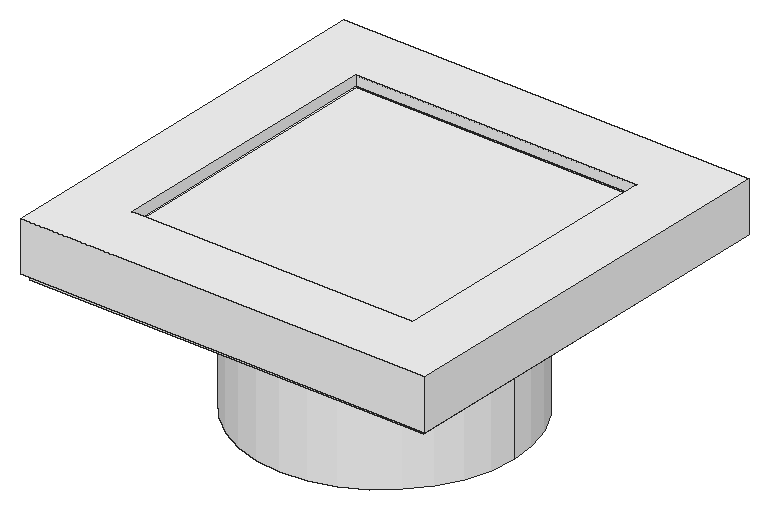
Revit family "Gira_0140005", category Electrical Fixtures, host Face, Revit 2017
Family settings
  Host = Face
  Maintain Annotation Orientation = Yes
  Round Connector Dimension = Use Diameter
  Part Type = Normal
  Cut with Voids When Loaded = No
  Shared = No
  Room Calculation Point = No
Parameters (values of type "Hotel-Card-Taster Wechsler (bel.) BSF System 55 Schwarz m")
  Zusammenstellung = "Basiselement mit zentraler Abdeckplatte"
  White [instance] = White
  Werkstoffgüte = "sonstige"
  Werkstoff = "sonstige"
  URL = "http://katalog.gira.de/de_DE/datenblatt.html?artikelnr=0140005"
  Transparent = "No"
  Textfeld/Beschriftungsfläche = "Yes"
  Rückmeldekontakt = "No"
  Region = "DE"
  Oberfläche = "sonstige"
  Nennspannung = "250 Volt"
  Name = "Hotel-Card-Taster Wechsler (bel.) BSF System 55 Schwarz m"
  Montageart = "unter Putz"
  Model = "Sys55_Komplettgerät_Schalten und Tasten"
  Mit Beleuchtung = "No"
  Manufacturer URL = "https://www.gira.de/"
  Kontakte = "1 Wechsler"
  HeinzeBIM = "https://bimportal.heinze.de/bim/hotel-card-taster-wechsler-bel-bsf-system-55-schwarz-m/52267a61a88fdd05e880348839b71cc643a57596"
  Halogenfrei = "No"
  HAN = "0140005"
  Geeignet für Schutzart (IP) = "IP20"
  GTIN = "4010337037170"
  Farbe = "schwarz"
  Default Elevation = 1219.2 mm
  Data sheet (1) = "https://katalog.gira.de/de_DE/download.html?artikelnr=0140005"
  Category = "Taster"
  Bemessungsstrom = "10 Ampere"
  Befestigungsart = "Krallen-/Schraubbefestigung"
  Bedienungsart = "Hotelcard"
  Available = "Yes"
  Ausführung der Oberfläche = "matt"
  Ausführung = "Einzeltaster"
  Aufdruck = "ohne"
  Anzahl der Betätigungswippen = "1 "
Reference planes
  plane 1 "Center (Front/Back)": y = 0
  plane 2: z = 0
  plane 3 "Center (Left/Right)": x = 0
Forms (mm)
  Extrusion 1, solid, material "White" <- "White", detail levels medium
    sketch origin (0, 0, 0) x (1, 0, 0) y (0, 1, 0)
      loop
        line (-40.4, 40.4) -> (-40.4, -40.4) -> (40.4, -40.4) -> (40.4, 40.4) -> (-40.4, 40.4)
      loop
        line (-28, 28) -> (-28, -28) -> (28, -28) -> (28, 28) -> (-28, 28)
    from 0 to 10
  Extrusion 2, solid, material "White" <- "White", detail levels fine
    sketch origin (0, 0, 0) x (1, 0, 0) y (0, 1, 0)
      loop
        line (-40.4, 40.4) -> (-40.4, -40.4) -> (40.4, -40.4) -> (40.4, 40.4) -> (-40.4, 40.4)
      loop
        line (-28, 28) -> (-28, -28) -> (28, -28) -> (28, 28) -> (-28, 28)
    from 0 to 10
  Extrusion 3, void
    sketch origin (0, 0, 0) x (1, 0, 0) y (0, 1, 0)
      loop
        line (-38.4, 38.4) -> (-38.4, -38.4) -> (38.4, -38.4) -> (38.4, 38.4) -> (-38.4, 38.4)
    from 0 to 8
  Extrusion 4, solid, material "White" <- "White", detail levels medium+fine
    sketch origin (0, 0, 0) x (1, 0, 0) y (0, 1, 0)
      loop
        line (-39.4, 39.4) -> (-39.4, -39.4) -> (39.4, -39.4) -> (39.4, 39.4) -> (-39.4, 39.4)
    from 0 to -1
  Extrusion 5, solid, material "White" <- "White", detail levels medium+fine
    sketch origin (0, 0, 0) x (1, 0, 0) y (0, 1, 0)
      loop
        line (-35.5, 35.5) -> (-35.5, -35.5) -> (35.5, -35.5) -> (35.5, 35.5) -> (-35.5, 35.5)
    from -2 to -3
  Extrusion 6, solid, material "White" <- "White", detail levels medium+fine
    sketch origin (0, 0, 0) x (1, 0, 0) y (0, 1, 0)
      loop
        circle (0, 0) r 26
    from 0 to -27.5
  Extrusion 7, solid, material "White" <- "White", detail levels coarse
    sketch origin (0, 0, 0) x (1, 0, 0) y (0, 1, 0)
      loop
        line (-40.4, 40.4) -> (-40.4, -40.4) -> (40.4, -40.4) -> (40.4, 40.4) -> (-40.4, 40.4)
    from -27.5 to 10
Cuts and joins
  Extrusion 3 cuts Extrusion 2
Dimensions and locks
  aligned and locked: plane 2 to host face
  aligned and locked: level to host face
  aligned and locked: plane 3 "Center (Left/Right)" to nested 2
  aligned and locked: plane 1 "Center (Front/Back)" to nested 2
Nested families
  nested 1: "Sys55_Abdeckung_Schalten und Tasten_floor_base" at (0, 0, 0), type "Sys55_Abdeckung_Schalten und Tasten_floor_base"
  nested 2: "Schalter" at (0, 0, 0), type "Schalter"
Connectors
  electrical at (0, 0, -27.5)
    settings: on Extrusion 6, index 1, voltage 220 V, apparent load 0 VA, apparent load phase1 0 VA, apparent load phase2 0 VA, apparent load phase3 0 VA, power factor 1, load classification "Other", number of poles 1, system type 30, power factor state 1, is connector primary yes, connector utility no, sub classification motor no, connector description ""
Definition of nested family "Sys55_Abdeckung_Schalten und Tasten_floor_base"
  Parameters
    Default Elevation = 1219.2 mm
    White [instance] = none
  Reference planes
    plane 1 "Center (Front/Back)": y = 0
    plane 2: z = 0
    plane 3 "Center (Left/Right)": x = 0
  Forms (mm)
    Extrusion 1, solid
      sketch origin (0, 0, 0) x (1, 0, 0) y (0, 1, 0)
        loop
          line (-1219.2, 1219.2) -> (-1219.2, -1219.2) -> (1219.2, -1219.2) -> (1219.2, 1219.2) -> (-1219.2, 1219.2)
      from 0 to -304.8
    Extrusion 2, solid, material <- "White", detail levels fine
      sketch origin (0, 0, 0) x (1, 0, 0) y (0, 1, 0)
        loop
          line (-27.5, 27.5) -> (-27.5, -27.5) -> (27.5, -27.5) -> (27.5, 27.5) -> (-27.5, 27.5)
      from 0 to 8
    Extrusion 3, void
      sketch origin (0, 0, 0) x (1, 0, 0) y (0, 1, 0)
        loop
          line (26, 26) -> (-26, 26) -> (-26, -26) -> (26, -26) -> (26, 26)
      from 0 to 6
    Extrusion 4, solid, material <- "White", detail levels medium
      sketch origin (0, 0, 0) x (1, 0, 0) y (0, 1, 0)
        loop
          line (-27.5, 27.5) -> (-27.5, -27.5) -> (27.5, -27.5) -> (27.5, 27.5) -> (-27.5, 27.5)
      from 0 to 8
    Extrusion 5, solid, material <- "White", detail levels medium
      sketch origin (0, 0, 0) x (1, 0, 0) y (0, 1, 0)
        loop
          line (11, -17.5) -> (11, 17.5) -> (-11, 17.5) -> (-11, -17.5) -> (11, -17.5)
      from -6 to 6
    Extrusion 6, solid, material <- "White", detail levels fine
      sketch origin (0, 0, 0) x (1, 0, 0) y (0, 1, 0)
        loop
          line (11, 17.5) -> (-11, 17.5) -> (-11, 16.5) -> (11, 16.5) -> (11, 17.5)
        loop
          line (-11, -16.5) -> (-11, -17.5) -> (11, -17.5) -> (11, -16.5) -> (-11, -16.5)
      from -4 to 6
    Extrusion 7, solid, material <- "White", detail levels fine
      sketch origin (0, 0, 0) x (1, 0, 0) y (0, 1, 0)
        loop
          arc (5, 9.347) -> (0, 10.6) -> (-5, 9.347) r 10.6
          line (-5, 9.347) -> (-5, -9.347)
          arc (-5, -9.347) -> (0, -10.6) -> (5, -9.347) r 10.6
          line (5, -9.347) -> (5, 9.347)
      from -6 to 6
    Extrusion 8, solid, material <- "White", detail levels coarse
      sketch origin (0, 0, 0) x (1, 0, 0) y (0, 1, 0)
        loop
          line (-27.5, 27.5) -> (-27.5, -27.5) -> (27.5, -27.5) -> (27.5, 27.5) -> (-27.5, 27.5)
      from -6 to 8
  Cuts and joins
    Extrusion 3 cuts Extrusion 2
  Dimensions and locks
    aligned and locked: plane 2 to Extrusion 1
    aligned and locked: level to Extrusion 1
Definition of nested family "Schalter"
  Reference planes
    plane 1: y = 0
    plane 2: x = 0
  Lines and regions (mm)
    detail lines
      curve 1: circle (1.375, 2.778, 0) r 0.8 normal (0, 0, 1)
      curve 2: line (1.021, 2.061, 0) -> (0, 0, 0)
      curve 3: line (0, 0, 0) -> (-0.538, 0.266, 0)
  Dimensions and locks
    curve 2 to curve 2 = 2.3 mm
    curve 3 to curve 2 = 0.6 mm
    radius of curve 1 = 0.8 mm
